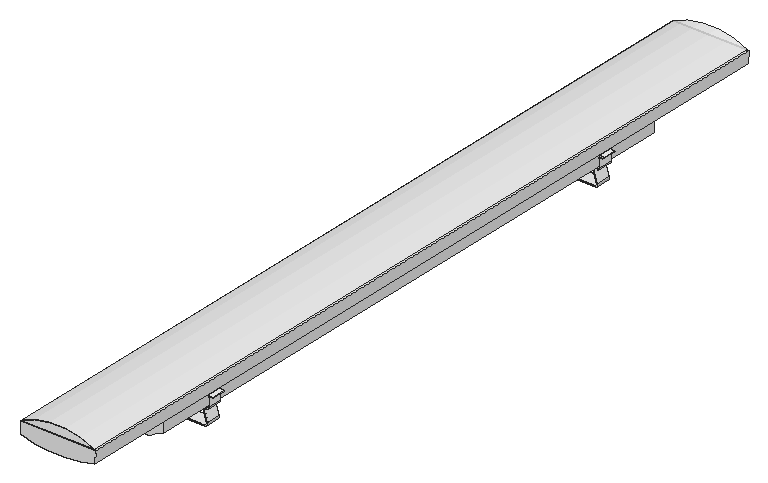
Revit family "Lighting-Industriale-GEWISS-SMART[3]-PLAFONIERA-LED_TRASPARENTE_1200mm", category Apparecchi per illuminazione, host Superficie, Revit 2019
Family settings
  Host = Superficie
  Quota connettore circolare = Usa diametro
  Tipo di parte = Normale
  Taglio con vuoti quando caricato = No
  Sorgente d'illuminazione = No
  Condiviso = No
  Punto di calcolo locali = Sì
Parameters (values of type "GWS3236TL - SMART3 LED 1200 2X36 TRASPAR.LP")
  Versione file RFA = "20.11"
  URL = "https://www.gewiss.com/it/it"
  Tipologia sorgente luminosa = "LED - Non sostituibile"
  Tipologia = "Stand alone"
  Tipo alimentatore = "Driver Led in corrente continua"
  Tensione = "220/240 V - 50/60 Hz - Stand alone"
  Temperatura di utilizzo = "-30 +50 °C"
  Temperatura di funzionamento = "-25 +50 °C"
  Temperatura di colore: = "4000 K (CRI 80)"
  Temperatura di colore = "4000 K (CRI 80)"
  Struttura = GEWISS - SMART 3 - GRIGIO
  Stampa 1_200 = no
  Stampa 1_100 = not(Stampa 1_200)  # yes
  Spostamento_Y_etichetta [instance] = 0 mm
  Spostamento_Y_effettivo_etichetta [instance] = 1500 mm - Spostamento_Y_etichetta  # 1500 mm
  Spostamento_X_etichetta [instance] = 0 mm
  Spostamento_X_effettivo_etichetta [instance] = 1500 mm - Spostamento_X_etichetta  # 1500 mm
  Schermo- = Gewiss - Led Acceso
  Schermo = "Trasparente"
  Scheda Tecnica = "https://www.gewiss.com/it/it/search?q=GWS3236TL"
  SEO = "Plafoniera"
  Resistenza agli urti = "IK08"
  Default Elevation = 1219.2 mm
  Produttore = "GEWISS S.p.A."
  Potenza di sistema = "40W"
  Peso (kg): = "2"
  NÂ° LED (#) = "63"
  Modello = "GWS3236TL"
  Lunghezza Lampada = 1200 mm  # constant formula
  Lunghezza = "1200 mm"
  Lumen output (lm) = "4900"
  Lampada: = "LED"
  Lampada = "LED"
  LED LifeTime (L80B20) = "85000H"
  LED Life time (L90B50) = "50000H"
  LED Life time (L80B50) = "100000H"
  LED Life time (L70) = "80000H"
  Immagine tipo = GWS3136T.jpg
  IFC.TypeObject = ""
  IFC.ExportType = ""
  IFC.ExportAs = ""
  IDT = "e9f9df53-c11c-4f09-88fd-a725bd6bd6c1"
  IDF = "8913c65b-cf7b-4f0b-93b3-2bbdd1938487"
  Grado di protezione = "IP66/IP69"
  Glow Wire Test = "850°C"
  Garanzia = "5 anni"
  Ganci = GEWISS  - ALLUMINIO
  Flusso nominale (lm) = "5500"
  Failure rate apparecchio (50.000h, Tq=25Â° C) = "<2,5%"
  Failure rate apparecchio (35.000h, Tq=35Â° C) = "<2,5%"
  Descrizione = "SMART3 1200 63LED 43W TRASPARENTE CABLAGGIO PASSANTE 4000K"
  Creato da GEWISS S.p.A. = ""
  Codice Electrocod = "2434"
  Codice EAN = "8011564876064"
  Classe isolamento = "II"
  Classe di efficienza LED integrati = "A ÷ A++"
  Catalogo Serie = "SMART [3]"
  Catalogo = "LIGHTING"
  COBie.Tagnumber = ""
  COBie.CreatedOn = ""
  COBie.CreatebBy = ""
  COBie.ComponentRegisterItemID = ""
  COBie.Component.TagNumber = ""
  COBie.Component.Space = ""
  COBie.Component.SerialNumber = ""
  COBie.Component.InstallationDate = ""
  COBie.Component.Description = ""
  COBie.Component.BarCode = ""
  Applicazione = "Interno"
  Apparecchio a ridotta temperatura superficiale = "Conforme"
Types (17, lengths in mm): name | Tipologia | Tensione | Temperatura di colore: | Temperatura di colore | Schermo | Scheda Tecnica | Potenza di sistema | NÂ° LED (#) | Modello | Lumen output (lm) | IDT | Flusso nominale (lm) | Descrizione | Codice EAN
  (no name) | "Stand alone" | "220/240 V - 50/60 Hz - Stand alone" | "4000 K (CRI 80)" | "4000 K (CRI 80)" | "Trasparente" | "https://www.gewiss.com/it/it/search?q=GWS3236TL" | "40W" | "63" | "GWS3236TL" | "4900" | "e9f9df53-c11c-4f09-88fd-a725bd6bd6c1" | "5500" | "SMART3 1200 63LED 43W TRASPARENTE CABLAGGIO PASSANTE 4000K" | "8011564876064"
  GWS3136T - SMART3 LED 1200 1X36 TRASPAR. | "Stand alone" | "220/240 V - 50/60 Hz - Stand alone" | "4000 K (CRI 80)" | "4000 K (CRI 80)" | "Trasparente" | "https://www.gewiss.com/it/it/search?q=GWS3136T" | "20W" | "54" | "GWS3136T" | "2500" | "c7da0a95-7072-4c13-8cfc-e9284cee8c7c" | "2900" | "SMART3 1200 54LED 20W TRASPARENTE 4000K" | "8011564857476"
  GWS3236T - SMART3 LED 1200 2X36 TRASPAR. | "Stand alone" | "220/240 V - 50/60 Hz - Stand alone" | "4000 K (CRI 80)" | "4000 K (CRI 80)" | "Trasparente" | "https://www.gewiss.com/it/it/search?q=GWS3236T" | "40W" | "63" | "GWS3236T" | "4900" | "34704f00-dfe0-4f63-a4dd-d1448ba50669" | "5500" | "SMART3 1200 63LED 43W TRASPARENTE 4000K" | "8011564857506"
  GWS3236T30K - SMART3 LED 1200 2X36 TRASPAR.30K | "Stand alone" | "220/240 V - 50/60 Hz - Stand alone" | "3000 K (CRI 80)" | "3000 K (CRI 80)" | "Trasparente" | "https://www.gewiss.com/it/it/search?q=GWS3236T30K" | "40W" | "63" | "GWS3236T30K" | "4600" | "e57574bd-f72b-41f3-b2f4-79952d9f6421" | "5300" | "SMART3 1200 63LED 43W TRASPARENTE 3000K" | "8011564872554"
  GWS3236T57K - SMART3 LED 1200 2X36 TRASPAR.57K | "Stand alone" | "220/240 V - 50/60 Hz - Stand alone" | "5700 K (CRI 80)" | "5700 K (CRI 80)" | "Trasparente" | "https://www.gewiss.com/it/it/search?q=GWS3236T57K" | "40W" | "63" | "GWS3236T57K" | "4900" | "94af3450-b907-4b56-9b4d-46299644aea6" | "5500" | "SMART3 1200 63LED 43W TRASPARENTE 5700K" | "8011564872356"
  GWS3136TD - SMART3 LED 1200 1X36 TRASPAR.DALI | "DALI" | "220/240 V - 50/60 Hz - Dali" | "4000 K (CRI 80)" | "4000 K (CRI 80)" | "Trasparente" | "https://www.gewiss.com/it/it/search?q=GWS3136TD" | "21W" | "54" | "GWS3136TD" | "2500" | "ba99643d-a04f-4097-b23a-dd97667ef1b6" | "2900" | "SMART3 1200 54LED 22W TRASPARENTE DALI 4000K" | "8011564869134"
  GWS3136TL - SMART3 LED 1200 1X36 TRASPAR.LP | "Stand alone" | "220/240 V - 50/60 Hz - Stand alone" | "4000 K (CRI 80)" | "4000 K (CRI 80)" | "Trasparente con cablaggio passante" | "https://www.gewiss.com/it/it/search?q=GWS3136TL" | "20W" | "54" | "GWS3136TL" | "2500" | "3644d704-1809-4b3e-9ec4-9d9853727bd6" | "2900" | "SMART3 1200 54LED 20W TRASPARENTE CABLAGGIO PASSANTE 4000K" | "8011564876040"
  GWS3136TLD - SMART3 LED 1200 1X36 TRASPAR.DALI LP | "DALI" | "220/240 V - 50/60 Hz - Dali" | "4000 K (CRI 80)" | "4000 K (CRI 80)" | "Trasparente" | "https://www.gewiss.com/it/it/search?q=GWS3136TLD" | "21W" | "54" | "GWS3136TLD" | "2500" | "f830101b-9d3a-45b3-99e6-6ad26bff28be" | "2900" | "SMART3 1200 54LED 22W TRASPARENTE CABLAGGIO PASSANTE DALI 4000K" | "8011564876880"
  GWS3236TD - SMART3 LED 1200 2X36 TRASPAR.DALI | "DALI" | "220/240 V - 50/60 Hz - Dali" | "4000 K (CRI 80)" | "4000 K (CRI 80)" | "Trasparente" | "https://www.gewiss.com/it/it/search?q=GWS3236TD" | "40W" | "63" | "GWS3236TD" | "4900" | "5f0f5a55-e0f2-4b9d-8914-1beed5bd0921" | "5500" | "SMART3 1200 63LED 45W TRASPARENTE DALI 4000K" | "8011564869165"
  GWS3236TD30K - SMART3 LED 1200 2X36 TRASPAR.DALI 30K | "DALI" | "220/240 V - 50/60 Hz - Dali" | "3000 K (CRI 80)" | "3000 K (CRI 80)" | "Trasparente" | "https://www.gewiss.com/it/it/search?q=GWS3236TD30K" | "40W" | "63" | "GWS3236TD30K" | "4600" | "ec978ee9-b488-4a38-8f58-92e86c7b8e83" | "5300" | "SMART3 1200 63LED 45W TRASPARENTE DALI 3000K" | "8011564877108"
  GWS3236TD57K - SMART3 LED 1200 2X36 TRASPAR.DALI 57K | "DALI" | "220/240 V - 50/60 Hz - Dali" | "5700 K (CRI 80)" | "5700 K (CRI 80)" | "Trasparente" | "https://www.gewiss.com/it/it/search?q=GWS3236TD57K" | "40W" | "63" | "GWS3236TD57K" | "4900" | "cce50a4b-ce5f-4ac0-b161-79695a145268" | "5500" | "SMART3 1200 63LED 45W TRASPARENTE DALI 5700K" | "8011564877115"
  GWS3236TL - SMART3 LED 1200 2X36 TRASPAR.LP | "Stand alone" | "220/240 V - 50/60 Hz - Stand alone" | "4000 K (CRI 80)" | "4000 K (CRI 80)" | "Trasparente" | "https://www.gewiss.com/it/it/search?q=GWS3236TL" | "40W" | "63" | "GWS3236TL" | "4900" | "e9f9df53-c11c-4f09-88fd-a725bd6bd6c1" | "5500" | "SMART3 1200 63LED 43W TRASPARENTE CABLAGGIO PASSANTE 4000K" | "8011564876064"
  GWS3236TL30K - SMART3 LED 1200 2X36 TRASPAR.30K LP | "Stand alone" | "220/240 V - 50/60 Hz - Stand alone" | "3000 K (CRI 80)" | "3000 K (CRI 80)" | "Trasparente" | "https://www.gewiss.com/it/it/search?q=GWS3236TL30K" | "40W" | "63" | "GWS3236TL30K" | "4600" | "d3185484-aa10-48a8-8ee9-65358de51d6a" | "5300" | "SMART3 1200 63LED 43W TRASPARENTE CABLAGGIO PASSANTE 3000K" | "8011564877122"
  GWS3236TL57K - SMART3 LED 1200 2X36 TRASPAR.57K LP | "Stand alone" | "220/240 V - 50/60 Hz - Stand alone" | "5700 K (CRI 80)" | "5700 K (CRI 80)" | "Trasparente" | "https://www.gewiss.com/it/it/search?q=GWS3236TL57K" | "40W" | "63" | "GWS3236TL57K" | "4900" | "13636378-fbb5-44ba-998c-b77c259b3429" | "5500" | "SMART3 1200 63LED 43W TRASPARENTE CABLAGGIO PASSANTE 5700K" | "8011564877139"
  GWS3236TLD - SMART3 LED 1200 2X36 TRASPAR.DALI LP | "DALI" | "220/240 V - 50/60 Hz - Dali" | "4000 K (CRI 80)" | "4000 K (CRI 80)" | "Trasparente" | "https://www.gewiss.com/it/it/search?q=GWS3236TLD" | "40W" | "63" | "GWS3236TLD" | "4900" | "56a3d7f8-7a6c-4195-9f69-1fa2a4150789" | "5500" | "SMART3 1200 63LED 45W TRASPARENTE CABLAGGIO PASSANTE DALI 4000K" | "8011564877146"
  GWS3236TLD30K - SMART3 LED 1200 2X36 TRASPAR.DALI 30K LP | "DALI" | "220/240 V - 50/60 Hz - Dali" | "3000 K (CRI 80)" | "3000 K (CRI 80)" | "Trasparente" | "https://www.gewiss.com/it/it/search?q=GWS3236TLD30K" | "40W" | "63" | "GWS3236TLD30K" | "4600" | "02e8efd2-443d-498f-9d84-c91beefd9001" | "5300" | "SMART3 1200 63LED 45W TRASPARENTE CABLAGGIO PASSANTE DALI 3000K" | "8011564877153"
  GWS3236TLD57K - SMART3 LED 1200 2X36 TRASPAR.DALI 57K LP | "DALI" | "220/240 V - 50/60 Hz - Dali" | "5700 K (CRI 80)" | "5700 K (CRI 80)" | "Trasparente" | "https://www.gewiss.com/it/it/search?q=GWS3236TLD57K" | "40W" | "63" | "GWS3236TLD57K" | "4900" | "e15e7b22-c705-4d57-b7f1-e821b9625ba3" | "5500" | "SMART3 1200 63LED 45W TRASPARENTE CABLAGGIO PASSANTE DALI 5700K" | "8011564877160"
Reference planes
  plane 1 "Centro (Fronte/Retro)": y = 0
  plane 2: z = 0
  plane 3 "Centro (Sinistra/Destra)": x = 0
  plane 4: x = -1500
  plane 5: y = -1500
  plane 6: x = 0
  plane 7: y = 0
Forms (mm)
  Extrusion 1, solid, material "GEWISS  - ALLUMINIO" <- "Ganci", detail levels medium+fine
    sketch origin (0, 0, 0) x (1, 0, 0) y (0, 0, 1)
      loop
        arc (31.431, -0.002) -> (34.576, 1.589) -> (35.156, 5.066) r 3.903
        line (35.156, 5.066) -> (29.612, 23.211)
        arc (29.612, 23.211) -> (29.883, 24.381) -> (31.032, 24.73) r 1.2
        line (31.032, 24.73) -> (34.307, 23.974)
        arc (34.307, 23.974) -> (36.765, 24.53) -> (37.859, 26.8) r 2.9
        line (37.859, 26.8) -> (37.859, 38.8)
        arc (37.859, 38.8) -> (37.648, 39.694) -> (37.059, 40.4) r 2
        line (37.059, 40.4) -> (37.059, 42.71) -> (42.861, 40.598) -> (43.203, 41.538) -> (37.53, 43.603)
        arc (37.53, 43.603) -> (37.019, 43.613) -> (36.605, 43.311) r 0.8
        line (36.605, 43.311) -> (36.306, 26.139)
        arc (36.306, 26.139) -> (35.6, 25.444) -> (34.616, 25.34) r 1.5
        line (34.616, 25.34) -> (31.344, 26.095)
        arc (31.344, 26.095) -> (28.858, 25.335) -> (28.273, 22.802) r 2.6
        line (28.273, 22.802) -> (33.827, 4.636)
        arc (33.827, 4.636) -> (33.449, 2.415) -> (31.438, 1.4) r 2.5
        line (31.438, 1.4) -> (-31.437, 1.4)
        arc (-31.437, 1.4) -> (-33.449, 2.415) -> (-33.827, 4.636) r 2.5
        line (-33.827, 4.636) -> (-28.273, 22.802)
        arc (-28.273, 22.802) -> (-28.858, 25.335) -> (-31.344, 26.095) r 2.6
        line (-31.344, 26.095) -> (-34.616, 25.34)
        arc (-34.616, 25.34) -> (-35.6, 25.444) -> (-36.306, 26.139) r 1.5
        line (-36.306, 26.139) -> (-36.605, 43.311)
        arc (-36.605, 43.311) -> (-37.019, 43.613) -> (-37.53, 43.603) r 0.8
        line (-37.53, 43.603) -> (-43.203, 41.538) -> (-42.861, 40.598) -> (-37.059, 42.71) -> (-37.059, 40.4)
        arc (-37.059, 40.4) -> (-37.648, 39.694) -> (-37.859, 38.8) r 2
        line (-37.859, 38.8) -> (-37.859, 26.8)
        arc (-37.859, 26.8) -> (-36.765, 24.53) -> (-34.307, 23.974) r 2.9
        line (-34.307, 23.974) -> (-31.032, 24.73)
        arc (-31.032, 24.73) -> (-29.883, 24.381) -> (-29.612, 23.211) r 1.2
        line (-29.612, 23.211) -> (-35.156, 5.066)
        arc (-35.156, 5.066) -> (-34.576, 1.589) -> (-31.431, -0.002) r 3.903
        line (-31.431, -0.002) -> (31.431, -0.002)
    from 348.766 to 368.766
  Extrusion 2, solid, material "GEWISS  - ALLUMINIO" <- "Ganci", detail levels medium+fine
    sketch origin (0, 0, 0) x (1, 0, 0) y (0, 0, -1)
      loop
        line (31.431, 0.002) -> (-31.431, 0.002)
        arc (-31.431, 0.002) -> (-34.576, -1.589) -> (-35.156, -5.066) r 3.903
        line (-35.156, -5.066) -> (-29.612, -23.211)
        arc (-29.612, -23.211) -> (-29.883, -24.381) -> (-31.032, -24.73) r 1.2
        line (-31.032, -24.73) -> (-34.307, -23.974)
        arc (-34.307, -23.974) -> (-36.765, -24.53) -> (-37.859, -26.8) r 2.9
        line (-37.859, -26.8) -> (-37.859, -38.8)
        arc (-37.859, -38.8) -> (-37.648, -39.694) -> (-37.059, -40.4) r 2
        line (-37.059, -40.4) -> (-37.059, -42.71) -> (-42.861, -40.598) -> (-43.203, -41.538) -> (-37.53, -43.603)
        arc (-37.53, -43.603) -> (-37.019, -43.613) -> (-36.605, -43.311) r 0.8
        line (-36.605, -43.311) -> (-36.306, -26.139)
        arc (-36.306, -26.139) -> (-35.6, -25.444) -> (-34.616, -25.34) r 1.5
        line (-34.616, -25.34) -> (-31.344, -26.095)
        arc (-31.344, -26.095) -> (-28.858, -25.335) -> (-28.273, -22.802) r 2.6
        line (-28.273, -22.802) -> (-33.827, -4.636)
        arc (-33.827, -4.636) -> (-33.449, -2.415) -> (-31.437, -1.4) r 2.5
        line (-31.437, -1.4) -> (31.438, -1.4)
        arc (31.438, -1.4) -> (33.449, -2.415) -> (33.827, -4.636) r 2.5
        line (33.827, -4.636) -> (28.273, -22.802)
        arc (28.273, -22.802) -> (28.858, -25.335) -> (31.344, -26.095) r 2.6
        line (31.344, -26.095) -> (34.616, -25.34)
        arc (34.616, -25.34) -> (35.6, -25.444) -> (36.306, -26.139) r 1.5
        line (36.306, -26.139) -> (36.605, -43.311)
        arc (36.605, -43.311) -> (37.019, -43.613) -> (37.53, -43.603) r 0.8
        line (37.53, -43.603) -> (43.203, -41.538) -> (42.861, -40.598) -> (37.059, -42.71) -> (37.059, -40.4)
        arc (37.059, -40.4) -> (37.648, -39.694) -> (37.859, -38.8) r 2
        line (37.859, -38.8) -> (37.859, -26.8)
        arc (37.859, -26.8) -> (36.765, -24.53) -> (34.307, -23.974) r 2.9
        line (34.307, -23.974) -> (31.032, -24.73)
        arc (31.032, -24.73) -> (29.883, -24.381) -> (29.612, -23.211) r 1.2
        line (29.612, -23.211) -> (35.156, -5.066)
        arc (35.156, -5.066) -> (34.576, -1.589) -> (31.431, 0.002) r 3.903
    from 348.766 to 368.766
  Extrusion 3, solid, material "GEWISS - SMART 3 - GRIGIO" <- "Struttura", detail levels medium+fine
    sketch origin (0, 0, 0) x (1, 0, 0) y (0, 0, 1)
      loop
        line (-36.331, 55.757) -> (-35.847, 28.018)
        arc (-35.847, 28.018) -> (-33.139, 27.27) -> (-30.416, 26.58) r 129.5
        arc (-30.416, 26.58) -> (-28.066, 25.76) -> (-25.915, 24.506) r 13
        arc (-25.915, 24.506) -> (-24.23, 23.324) -> (-22.521, 22.178) r 99.5
        arc (-22.521, 22.178) -> (-16.401, 19.063) -> (-9.748, 17.365) r 31.146
        line (-9.748, 17.365) -> (12.491, 17.365)
        arc (12.491, 17.365) -> (17.822, 19.098) -> (22.764, 21.745) r 31.646
        arc (22.764, 21.745) -> (24.509, 22.915) -> (26.228, 24.122) r 100
        arc (26.228, 24.122) -> (28.283, 25.313) -> (30.525, 26.095) r 12.5
        arc (30.525, 26.095) -> (33.437, 26.834) -> (36.332, 27.64) r 130
        line (36.332, 27.64) -> (36.824, 55.851)
        arc (36.824, 55.851) -> (24.914, 53.937) -> (12.909, 52.764) r 195.047
        line (12.909, 52.764) -> (-12.909, 52.764)
        arc (-12.909, 52.764) -> (-24.665, 53.905) -> (-36.331, 55.757) r 195.047
    from -450 to 450
  Extrusion 4, solid, material "GEWISS - SMART 3 - GRIGIO" <- "Struttura", detail levels medium+fine
    sketch origin (0, 0, 0) x (1, 0, 0) y (0, 0, 1)
      loop
        line (54.725, 60.184) -> (55.177, 77.445) -> (-55.177, 77.445) -> (-54.725, 60.184)
        arc (-54.725, 60.184) -> (-34.019, 55.332) -> (-12.909, 52.764) r 195.047
        line (-12.909, 52.764) -> (12.909, 52.764)
        arc (12.909, 52.764) -> (34.019, 55.332) -> (54.725, 60.184) r 195.047
    from -600 to 600
  Extrusion 5, solid, material "Gewiss - Led Acceso" <- "Schermo-", detail levels medium+fine
    sketch origin (0, 0, 0) x (1, 0, 0) y (0, 0, 1)
      loop
        arc (54.697, 78.441) -> (-0.014, 90.457) -> (-54.723, 78.429) r 130.5
        arc (-54.723, 78.429) -> (-54.988, 77.838) -> (-54.5, 77.445) r 0.5
        line (-54.5, 77.445) -> (54.479, 77.445)
        arc (54.479, 77.445) -> (54.988, 77.855) -> (54.697, 78.441) r 0.522
    from -600 to 600
  Extrusion 6, solid, material "GEWISS - SMART 3 - GRIGIO" <- "Struttura", detail levels coarse
    sketch origin (0, 0, 0) x (1, 0, 0) y (0, 0, 1)
      loop
        line (-54.5, 90.439) -> (-54.5, 0) -> (54.5, 0) -> (54.5, 90.439) -> (-54.5, 90.439)
    from -600 to 600
Lines and regions (mm)
  Masking region 1
    outline origin (0, 0, 0) x (1, 0, 0) y (0, 1, 0)
      loop
        line (-55.177, 600) -> (-55.177, -600) -> (55.177, -600) -> (55.177, 600) -> (-55.177, 600)
  symbolic lines, style "GEWISS - LIGHT 2D"
    curve 1: line (0, 488.766, 0) -> (0, -491.234, 0)
Dimensions and locks
  plane 4 to plane 3 "Centro (Sinistra/Destra)" = 1500 mm
  "Spostamento_X_effettivo_etichetta": plane 4 to plane 6
  plane 1 "Centro (Fronte/Retro)" to plane 5 = 1500 mm
  "Spostamento_Y_effettivo_etichetta": plane 7 to plane 5
  aligned and locked: plane 2 to host face
  aligned and locked: level to host face
  aligned and locked: Masking region 1 sketch curve to Extrusion 4  (x4)
  aligned and locked: plane 6 to nested 1
  aligned and locked: nested 1 to plane 7
  aligned and locked: curve 1 to plane 3 "Centro (Sinistra/Destra)"
Automatic sketch dimensions
  host sketch curve to host sketch curve = 2438.4 mm  (x2)
  Extrusion 1 sketch curve to Extrusion 1 sketch curve = 0 mm  (x28)
  Extrusion 1 sketch curve to plane 3 "Centro (Sinistra/Destra)" = 43.203 mm
  level to Extrusion 1 sketch curve = 40.598 mm
  Extrusion 1 sketch curve to Extrusion 1 sketch curve = 0.342 mm  (x2)
  Extrusion 1 sketch curve to Extrusion 1 sketch curve = 5.002 mm  (x2)
  Extrusion 1 sketch curve to Extrusion 1 sketch curve = 0.329 mm
  Extrusion 1 sketch curve to Extrusion 1 sketch curve = 0.271 mm  (x2)
  Extrusion 1 sketch curve to Extrusion 1 sketch curve = 0.8 mm  (x2)
  Extrusion 1 sketch curve to Extrusion 1 sketch curve = 0.454 mm  (x2)
  Extrusion 1 sketch curve to Extrusion 1 sketch curve = 1.554 mm
  Extrusion 1 sketch curve to Extrusion 1 sketch curve = 2 mm
  level to Extrusion 1 sketch curve = 5.066 mm  (x2)
  Extrusion 1 sketch curve to Extrusion 1 sketch curve = 1.15 mm
  Extrusion 1 sketch curve to Extrusion 1 sketch curve = 1.346 mm  (x2)
  Extrusion 1 sketch curve to Extrusion 1 sketch curve = 0.343 mm  (x2)
  level to Extrusion 1 sketch curve = 4.636 mm  (x2)
  Extrusion 1 sketch curve to Extrusion 1 sketch curve = 1.329 mm  (x2)
  level to Extrusion 1 sketch curve = 1.4 mm
  Extrusion 1 sketch curve to Extrusion 1 sketch curve = 2.389 mm  (x2)
  Extrusion 1 sketch curve to Extrusion 1 sketch curve = 0.007 mm  (x2)
  Extrusion 1 sketch curve to Extrusion 1 sketch curve = 3.584 mm  (x2)
  Extrusion 1 sketch curve to Extrusion 1 sketch curve = 0.273 mm  (x2)
  plane 3 "Centro (Sinistra/Destra)" to Extrusion 1 sketch curve = 30.759 mm
  Extrusion 1 sketch curve to level = 0.002 mm
  Extrusion 1 sketch curve to Extrusion 1 sketch curve = 0.672 mm
  Extrusion 1 sketch curve to Extrusion 1 sketch curve = 0.9 mm
  level to Extrusion 1 sketch curve = 26.139 mm
  Extrusion 1 sketch curve to Extrusion 1 sketch curve = 0.746 mm
  Extrusion 1 sketch curve to Extrusion 1 sketch curve = 0.2 mm
  Extrusion 1 sketch curve to Extrusion 1 sketch curve = 2.577 mm
  Extrusion 1 sketch curve to Extrusion 1 sketch curve = 18.496 mm
  Extrusion 1 sketch curve to Extrusion 1 sketch curve = 1.169 mm  (x2)
  Extrusion 1 sketch curve to Extrusion 1 sketch curve = 0.799 mm  (x2)
  Extrusion 1 sketch curve to Extrusion 1 sketch curve = 0.609 mm
  Extrusion 1 sketch curve to Extrusion 1 sketch curve = 1.798 mm  (x2)
  Extrusion 1 sketch curve to Extrusion 1 sketch curve = 12 mm
  Extrusion 1 sketch curve to Extrusion 1 sketch curve = 0.94 mm  (x2)
  Extrusion 1 sketch curve to Extrusion 1 sketch curve = 0.14 mm  (x2)
  Extrusion 1 sketch curve to Extrusion 1 sketch curve = 0.309 mm  (x2)
  Extrusion 1 sketch curve to Extrusion 1 sketch curve = 0.312 mm  (x2)
  Extrusion 1 sketch curve to Extrusion 1 sketch curve = 1.148 mm  (x2)
  Extrusion 1 sketch curve to Extrusion 1 sketch curve = 1.339 mm
  Extrusion 1 sketch curve to Extrusion 1 sketch curve = 2.486 mm
  Extrusion 1 sketch curve to Extrusion 1 sketch curve = 0.409 mm  (x2)
  Extrusion 2 sketch curve to Extrusion 2 sketch curve = 0 mm  (x28)
  Extrusion 2 sketch curve to plane 3 "Centro (Sinistra/Destra)" = 43.203 mm
  level to Extrusion 2 sketch curve = 40.598 mm
  Extrusion 2 sketch curve to Extrusion 2 sketch curve = 0.342 mm  (x2)
  Extrusion 2 sketch curve to Extrusion 2 sketch curve = 5.002 mm  (x2)
  Extrusion 2 sketch curve to Extrusion 2 sketch curve = 0.329 mm
  Extrusion 2 sketch curve to Extrusion 2 sketch curve = 0.271 mm  (x2)
  Extrusion 2 sketch curve to Extrusion 2 sketch curve = 0.8 mm  (x2)
  Extrusion 2 sketch curve to Extrusion 2 sketch curve = 0.454 mm  (x2)
  Extrusion 2 sketch curve to Extrusion 2 sketch curve = 1.554 mm
  Extrusion 2 sketch curve to Extrusion 2 sketch curve = 2 mm
  level to Extrusion 2 sketch curve = 5.066 mm  (x2)
  Extrusion 2 sketch curve to Extrusion 2 sketch curve = 1.15 mm
  Extrusion 2 sketch curve to Extrusion 2 sketch curve = 1.346 mm  (x2)
  Extrusion 2 sketch curve to Extrusion 2 sketch curve = 0.343 mm  (x2)
  level to Extrusion 2 sketch curve = 4.636 mm  (x2)
  Extrusion 2 sketch curve to Extrusion 2 sketch curve = 1.329 mm  (x2)
  level to Extrusion 2 sketch curve = 1.4 mm
  Extrusion 2 sketch curve to Extrusion 2 sketch curve = 2.389 mm  (x2)
  Extrusion 2 sketch curve to Extrusion 2 sketch curve = 0.007 mm  (x2)
  Extrusion 2 sketch curve to Extrusion 2 sketch curve = 3.584 mm  (x2)
  Extrusion 2 sketch curve to Extrusion 2 sketch curve = 0.273 mm  (x2)
  plane 3 "Centro (Sinistra/Destra)" to Extrusion 2 sketch curve = 30.759 mm
  Extrusion 2 sketch curve to level = 0.002 mm
  Extrusion 2 sketch curve to Extrusion 2 sketch curve = 0.672 mm
  Extrusion 2 sketch curve to Extrusion 2 sketch curve = 0.9 mm
  level to Extrusion 2 sketch curve = 26.139 mm
  Extrusion 2 sketch curve to Extrusion 2 sketch curve = 0.746 mm
  Extrusion 2 sketch curve to Extrusion 2 sketch curve = 0.2 mm
  Extrusion 2 sketch curve to Extrusion 2 sketch curve = 14.46 mm
  Extrusion 2 sketch curve to Extrusion 2 sketch curve = 0.94 mm  (x2)
  Extrusion 2 sketch curve to Extrusion 2 sketch curve = 0.14 mm  (x2)
  Extrusion 2 sketch curve to Extrusion 2 sketch curve = 2.31 mm  (x2)
  Extrusion 2 sketch curve to Extrusion 2 sketch curve = 12 mm
  Extrusion 2 sketch curve to Extrusion 2 sketch curve = 0.661 mm  (x2)
  Extrusion 2 sketch curve to Extrusion 2 sketch curve = 0.609 mm  (x2)
  Extrusion 2 sketch curve to Extrusion 2 sketch curve = 1.169 mm  (x2)
  Extrusion 2 sketch curve to Extrusion 2 sketch curve = 0.309 mm  (x2)
  Extrusion 2 sketch curve to Extrusion 2 sketch curve = 0.312 mm  (x2)
  Extrusion 2 sketch curve to Extrusion 2 sketch curve = 1.148 mm  (x2)
  Extrusion 2 sketch curve to Extrusion 2 sketch curve = 1.339 mm
  Extrusion 2 sketch curve to Extrusion 2 sketch curve = 2.486 mm
  Extrusion 2 sketch curve to Extrusion 2 sketch curve = 1.365 mm  (x2)
  Extrusion 3 sketch curve to plane 3 "Centro (Sinistra/Destra)" = 36.331 mm
  Extrusion 3 sketch curve to Extrusion 3 sketch curve = 0.484 mm
  Extrusion 3 sketch curve to Extrusion 3 sketch curve = 2.34 mm
  Extrusion 3 sketch curve to plane 3 "Centro (Sinistra/Destra)" = 32.068 mm
  Extrusion 3 sketch curve to plane 3 "Centro (Sinistra/Destra)" = 12.909 mm
  Extrusion 3 sketch curve to plane 3 "Centro (Sinistra/Destra)" = 9.748 mm
  Extrusion 3 sketch curve to plane 3 "Centro (Sinistra/Destra)" = 5.421 mm
  Extrusion 3 sketch curve to plane 3 "Centro (Sinistra/Destra)" = 0.057 mm
  Extrusion 3 sketch curve to plane 3 "Centro (Sinistra/Destra)" = 0.007 mm
  Extrusion 3 sketch curve to plane 3 "Centro (Sinistra/Destra)" = 0.001 mm
  plane 3 "Centro (Sinistra/Destra)" to Extrusion 3 sketch curve = 0.057 mm
  plane 3 "Centro (Sinistra/Destra)" to Extrusion 3 sketch curve = 5.412 mm
  plane 3 "Centro (Sinistra/Destra)" to Extrusion 3 sketch curve = 12.491 mm
  Extrusion 3 sketch curve to Extrusion 3 sketch curve = 7.496 mm
  plane 3 "Centro (Sinistra/Destra)" to Extrusion 3 sketch curve = 32.059 mm
  Extrusion 3 sketch curve to Extrusion 3 sketch curve = 21.008 mm
  Extrusion 3 sketch curve to Extrusion 3 sketch curve = 2.833 mm
  Extrusion 3 sketch curve to Extrusion 3 sketch curve = 23.916 mm
  level to Extrusion 3 sketch curve = 13.953 mm  (x2)
  level to Extrusion 3 sketch curve = 17.365 mm  (x2)
  Extrusion 3 sketch curve to Extrusion 3 sketch curve = 13.687 mm
  Extrusion 3 sketch curve to Extrusion 3 sketch curve = 14.064 mm
  Extrusion 3 sketch curve to Extrusion 3 sketch curve = 30.844 mm
  Extrusion 3 sketch curve to Extrusion 3 sketch curve = 0 mm  (x3)
  Extrusion 3 sketch curve to Extrusion 3 sketch curve = 4.555 mm
  Extrusion 3 sketch curve to Extrusion 3 sketch curve = 2.993 mm
  Extrusion 3 sketch curve to Extrusion 3 sketch curve = 3.087 mm
  Extrusion 3 sketch curve to Extrusion 3 sketch curve = 49.52 mm
  Extrusion 3 sketch curve to Extrusion 3 sketch curve = 49.615 mm
  Extrusion 3 sketch curve to Extrusion 3 sketch curve = 47.089 mm
  Extrusion 3 sketch curve to Extrusion 3 sketch curve = 5.431 mm
  Extrusion 3 sketch curve to Extrusion 3 sketch curve = 4.5 mm
  Extrusion 3 sketch curve to Extrusion 3 sketch curve = 10.273 mm
  Extrusion 3 sketch curve to Extrusion 3 sketch curve = 3.465 mm
  Extrusion 3 sketch curve to Extrusion 3 sketch curve = 4.297 mm
  Extrusion 4 sketch curve to plane 3 "Centro (Sinistra/Destra)" = 55.177 mm
  Extrusion 4 sketch curve to Extrusion 4 sketch curve = 0.452 mm  (x2)
  Extrusion 4 sketch curve to plane 3 "Centro (Sinistra/Destra)" = 12.909 mm
  Extrusion 4 sketch curve to plane 3 "Centro (Sinistra/Destra)" = 0.057 mm
  plane 3 "Centro (Sinistra/Destra)" to Extrusion 4 sketch curve = 0.057 mm
  plane 3 "Centro (Sinistra/Destra)" to Extrusion 4 sketch curve = 12.909 mm
  Extrusion 4 sketch curve to Extrusion 4 sketch curve = 41.816 mm
  level to Extrusion 4 sketch curve = 52.764 mm
  Extrusion 4 sketch curve to Extrusion 4 sketch curve = 7.42 mm  (x2)
  Extrusion 4 sketch curve to Extrusion 4 sketch curve = 17.262 mm
  Extrusion 5 sketch curve to plane 3 "Centro (Sinistra/Destra)" = 0 mm
  Extrusion 5 sketch curve to plane 3 "Centro (Sinistra/Destra)" = 54.5 mm
  plane 3 "Centro (Sinistra/Destra)" to Extrusion 5 sketch curve = 54.479 mm
  Extrusion 5 sketch curve to level = 40.043 mm
  level to Extrusion 5 sketch curve = 77.445 mm
  Extrusion 5 sketch curve to Extrusion 5 sketch curve = 0.5 mm
  Extrusion 5 sketch curve to Extrusion 5 sketch curve = 0.522 mm
  Extrusion 5 sketch curve to Extrusion 5 sketch curve = 0.21 mm
  Extrusion 5 sketch curve to Extrusion 5 sketch curve = 0.014 mm
  Extrusion 5 sketch curve to Extrusion 5 sketch curve = 0 mm
  Extrusion 6 sketch curve to level = 0 mm
  Extrusion 6 sketch curve to plane 3 "Centro (Sinistra/Destra)" = 54.5 mm
  plane 3 "Centro (Sinistra/Destra)" to Extrusion 6 sketch curve = 54.5 mm
  Extrusion 6 sketch curve to Extrusion 6 sketch curve = 90.439 mm
  plane 1 "Centro (Fronte/Retro)" to curve 1 = 491.234 mm
  curve 1 to plane 1 "Centro (Fronte/Retro)" = 488.766 mm
Nested families
  nested 1: "ETICHETTA WATTAGGIO" at (0, 0, 0), type "ETICHETTA WATTAGGIO"
Definition of nested family "ETICHETTA WATTAGGIO"
  Parameters (values of type "ETICHETTA WATTAGGIO")
    GW - Potenza di sistema = ""
    GW - Numero LED = ""
    COMMENTI = "13W"
    1_200 = no
    1_100 = yes
  Reference planes
    plane 1: y = 0
    plane 2: x = 0
  Text (mm)
    label "GW - Potenza di sistema\nGW - Numero LED LED" at (-0.057, -0.214, 0), shows "GW - Potenza di sistema", "GW - Numero LED", visible <- "1_100"
    label "GW - Potenza di sistema\nGW - Numero LED LED " at (-0.057, -0.214, 0), shows "GW - Potenza di sistema", "GW - Numero LED", visible <- "1_200"
